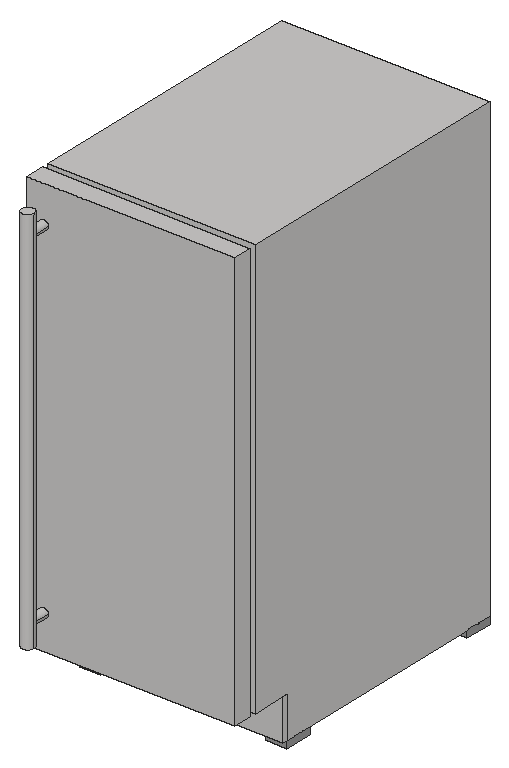
Revit family "UHNP115-SS01B", category Specialty Equipment, Revit 2017
Family settings
  Round Connector Dimension = Use Diameter
  Part Type = Normal
  Work Plane-Based = No
  Always vertical = Yes
  Cut with Voids When Loaded = No
  Shared = No
  Room Calculation Point = No
Parameters (values of type "UHNP115-SS01B")
  shipping weight = "106 lb"
  Width = 14 15/16"
  Voltage/Hz = "115 v / 60 hz"
  URL = "https://www.yepsketch.com"
  U-Adjust interior = "Eco friendly - most efficient type of specialty ice"
  Type Comments = ""
  Temperature range = "Produces up to 90 lb of ice per day"
  Pump = yes
  Model = "UHNP115-SS01B"
  Manufacturer = "U-LINE"
  Lock = no
  Height = 33 11/16"
  Finish = Stainless Solid
  Features and specifications = "Makes cylindrical compressed ice bits approx. 3⁄4” L x 1⁄2” H"
  Door Swing = "Field Reversible"
  Description = "15\" Nugget Ice"
  Depth = 22 15/16"
  Author = "Yepsketch"
Reference planes (in)
  plane 1 "Center (Front/Back)": y = 0
  plane 2: z = 0
  plane 3 "Center (Left/Right)": x = 0
  plane 4: x = 14.9375
  plane 5: x = 2.5
  plane 6: x = 12.4375
Forms (in)
  Extrusion 1, solid, material "Stainless Steel-Satin Brushed"
    sketch origin (7.8125, -10.53125, 3.5) x (1, 0, 0) y (0, 1, 0)
      loop
        line (-7.8125, 10.53125) -> (-7.8125, -10.53125) -> (7.125, -10.53125) -> (7.125, 10.53125) -> (-7.8125, 10.53125)
    from 0 to 30.1875
  Extrusion 2, solid, material "Handle"
    sketch origin (7.46875, -10.53125, 3.5) x (1, 0, 0) y (0, 1, 0)
      loop
        circle (-6.25, -13.84375) r 0.4375
    from 1 to 29
  Extrusion 3, solid, material "black"
    sketch origin (7.46875, -10.53125, 3.5) x (1, 0, 0) y (0, 0, 1)
      loop
        line (-7.05651, 29.50522) -> (-7.05651, 0.40774) -> (6.86283, 0.40774) -> (6.86283, 29.50522) -> (-7.05651, 29.50522)
      loop
        line (6.34086, 0.90774) -> (6.34086, 29.00522) -> (-6.55651, 29.00522) -> (-6.55651, 0.90774) -> (6.34086, 0.90774)
    from 10.53125 to 11
  Extrusion 4, solid, material "Stainless Steel-Satin Brushed"
    sketch origin (7.46875, -10.53125, 3.5) x (1, 0, 0) y (0, 1, 0)
      loop
        line (7.46875, -7.67375) -> (7.46875, 10.53125) -> (-7.46875, 10.53125) -> (-7.46875, -7.67375) -> (7.46875, -7.67375)
    from -3 to 0
  Extrusion 5, solid, material "black"
    sketch origin (7.46875, -10.53125, 3.5) x (1, 0, 0) y (0, 1, 0)
      loop
        line (-7.46875, 10.53125) -> (-7.46875, 8.53125) -> (-5.96875, 8.53125) -> (-5.96875, 10.53125) -> (-7.46875, 10.53125)
      loop
        line (5.96875, 10.53125) -> (5.96875, 8.53125) -> (7.46875, 8.53125) -> (7.46875, 10.53125) -> (5.96875, 10.53125)
      loop
        line (-7.46875, -5.67375) -> (-7.46875, -7.67375) -> (-5.96875, -7.67375) -> (-5.96875, -5.67375) -> (-7.46875, -5.67375)
      loop
        line (5.96875, -5.67375) -> (5.96875, -7.67375) -> (7.46875, -7.67375) -> (7.46875, -5.67375) -> (5.96875, -5.67375)
    from -3.5 to -3
  Extrusion 6, solid, material "black"
    sketch origin (17.4375, -18.5625, 3.5) x (-1, 0, 0) y (0, 0, -1)
      loop
        line (16.3125, 0.50772) -> (16.3125, 0.88272) -> (14.125, 0.88272) -> (14.125, 0.50772) -> (16.3125, 0.50772)
      loop
        line (13.6875, 0.50772) -> (13.6875, 0.88272) -> (11.5, 0.88272) -> (11.5, 0.50772) -> (13.6875, 0.50772)
      loop
        line (11.0625, 0.50772) -> (11.0625, 0.88272) -> (8.875, 0.88272) -> (8.875, 0.50772) -> (11.0625, 0.50772)
      loop
        line (8.4375, 0.50772) -> (8.4375, 0.88272) -> (6.25, 0.88272) -> (6.25, 0.50772) -> (8.4375, 0.50772)
      loop
        line (5.82472, 0.50772) -> (5.82472, 0.88272) -> (3.63722, 0.88272) -> (3.63722, 0.50772) -> (5.82472, 0.50772)
    from 0 to 0.01148
  Extrusion 7, solid, material "Handle"
    sketch origin (7.46875, -22.9375, 3.5) x (1, 0, 0) y (0, 0, 1)
      loop
        circle (-6.25, 27.5) r 0.31787
      loop
        circle (-6.25, 2.5) r 0.31787
    from 0 to 1.49021
  Extrusion 8, solid, material "Stainless Steel-Satin Brushed"
    sketch origin (7.46875, -10.53125, 3.5) x (1, 0, 0) y (0, 0, 1)
      loop
        line (-7.46875, 0) -> (7.46875, 0) -> (7.46875, 30.1875) -> (-7.46875, 30.1875) -> (-7.46875, 0)
    from 11 to 12.40625
  Extrusion 9, void
    sketch origin (0, 0, 0) x (1, 0, 0) y (0, 1, 0)
      loop
        line (2.5, -21.53125) -> (12.4375, -21.53125) -> (12.4375, -3.5625) -> (2.5, -3.5625) -> (2.5, -21.53125)
    from 20.68061 to 32.12689
  Extrusion 10, solid, material "Stainless Steel-Satin Brushed"
    sketch origin (7.46875, -29.40601, 3.5) x (1, 0, 0) y (0, 1, 0)
      loop
        line (7.46875, 10.84351) -> (7.46875, 11.17211) -> (-7.46875, 11.17211) -> (-7.46875, 10.84351) -> (7.46875, 10.84351)
    from -3 to -0.02057
Cuts and joins
  Extrusion 9 cuts Extrusion 1
  Extrusion 9 cuts Extrusion 4
  joined: Extrusion 1, Extrusion 4
  joined: Extrusion 2, Extrusion 7
  Extrusion 9 cuts Extrusion 3
  Extrusion 9 cuts Extrusion 6
  Extrusion 9 cuts Extrusion 8
Dimensions and locks (in)
  Extrusion 1 to level = 33 11/16"
  cut or joined group of Extrusion 2, Extrusion 7 to plane 1 "Center (Front/Back)" = 24 13/16"
  "Width": plane 3 "Center (Left/Right)" to plane 4
  locked: plane 3 "Center (Left/Right)" to plane 5 at 2.5
  locked: plane 6 to plane 4 at 2.5
  cut or joined group of Extrusion 1, Extrusion 4, Extrusion 9 to plane 2 = 33 11/16"
  cut or joined group of Extrusion 8, Extrusion 9 to plane 1 "Center (Front/Back)" = 22 15/16"
  cut or joined group of Extrusion 1, Extrusion 4, Extrusion 9 to plane 1 "Center (Front/Back)" = 21 1/16"
  aligned and locked: level to plane 2
Automatic sketch dimensions
  Extrusion 1 sketch curve to plane 3 "Center (Left/Right)" = 0"
  plane 1 "Center (Front/Back)" to Extrusion 1 sketch curve = 0"
  Extrusion 1 sketch curve to plane 4 = 0"
  Extrusion 1 sketch curve to Extrusion 1 sketch curve = 21 1/16"
  plane 3 "Center (Left/Right)" to Extrusion 2 sketch curve = 1 7/32"
  plane 1 "Center (Front/Back)" to Extrusion 2 sketch curve = 24 3/8"
  plane 3 "Center (Left/Right)" to Extrusion 3 sketch curve = 0.41224"
  Extrusion 3 sketch curve to Extrusion 3 sketch curve = 1/2"  (x3)
  Extrusion 3 sketch curve to plane 4 = 1.12789"
  Extrusion 3 sketch curve to plane 4 = 0.60592"
  level to Extrusion 3 sketch curve = 3.90774"
  Extrusion 3 sketch curve to Extrusion 3 sketch curve = 28.09748"
  Extrusion 4 sketch curve to plane 3 "Center (Left/Right)" = 0"
  plane 1 "Center (Front/Back)" to Extrusion 4 sketch curve = 0"
  Extrusion 4 sketch curve to plane 4 = 0"
  Extrusion 4 sketch curve to Extrusion 4 sketch curve = 18.205"
  plane 1 "Center (Front/Back)" to Extrusion 5 sketch curve = 0"  (x2)
  Extrusion 5 sketch curve to plane 3 "Center (Left/Right)" = 0"  (x2)
  Extrusion 5 sketch curve to plane 4 = 0"  (x2)
  plane 3 "Center (Left/Right)" to Extrusion 5 sketch curve = 1 1/2"  (x2)
  Extrusion 5 sketch curve to Extrusion 5 sketch curve = 1 1/2"  (x2)
  Extrusion 5 sketch curve to Extrusion 5 sketch curve = 2"  (x4)
  Extrusion 5 sketch curve to Extrusion 5 sketch curve = 14.205"  (x2)
  plane 3 "Center (Left/Right)" to Extrusion 7 sketch curve = 1 7/32"  (x2)
  level to Extrusion 7 sketch curve = 6"
  Extrusion 7 sketch curve to Extrusion 7 sketch curve = 25"
  plane 3 "Center (Left/Right)" to Extrusion 8 sketch curve = 0"
  Extrusion 8 sketch curve to plane 4 = 0"
  level to Extrusion 8 sketch curve = 3 1/2"
  plane 3 "Center (Left/Right)" to Extrusion 9 sketch curve = 2 1/2"
  Extrusion 9 sketch curve to plane 4 = 2 1/2"
  plane 1 "Center (Front/Back)" to Extrusion 9 sketch curve = 21 17/32"
  plane 1 "Center (Front/Back)" to Extrusion 9 sketch curve = 3 9/16"
  Extrusion 10 sketch curve to plane 3 "Center (Left/Right)" = 0"
  Extrusion 10 sketch curve to plane 4 = 0"
  plane 1 "Center (Front/Back)" to Extrusion 10 sketch curve = 18 9/16"
  Extrusion 10 sketch curve to Extrusion 10 sketch curve = 0.3286"
  Extrusion 10 to Extrusion 6 sketch curve = 0.86216"  (x4)
  Extrusion 6 sketch curve to Extrusion 6 sketch curve = 2 3/16"  (x5)
  Extrusion 6 sketch curve to Extrusion 6 sketch curve = 0.42528"
  Extrusion 6 sketch curve to Extrusion 6 sketch curve = 7/16"  (x3)
  Extrusion 6 sketch curve to Extrusion 10 = 1 1/8"
  Extrusion 6 sketch curve to Extrusion 6 sketch curve = 3/8"  (x5)
  Extrusion 6 sketch curve to Extrusion 6 sketch curve = 0"
  Extrusion 8 sketch curve to Extrusion 8 sketch curve = 30 3/16"
  radius of Extrusion 2 sketch curve = 7/16"
  radius of Extrusion 7 sketch curve = 0.31787"  (x2)
